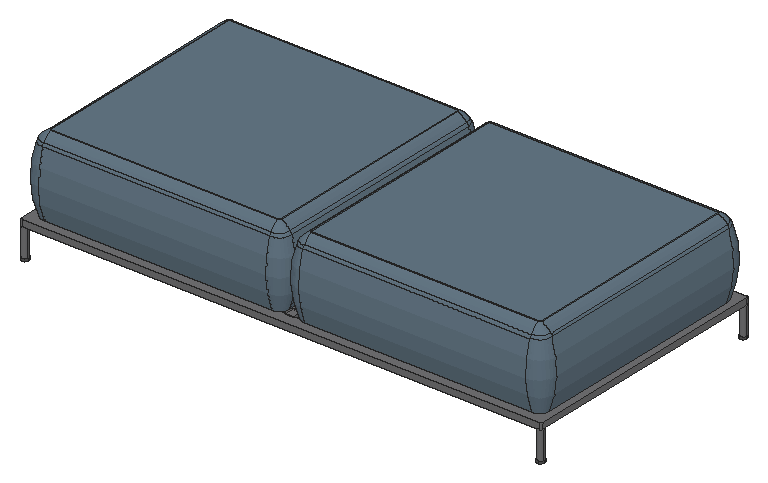
Revit family "Haworth_Mex-Hi_Bench_TwoSeats", category Furniture, Revit 2018
Family settings
  OmniClass Number = 23.40.70.14.64.21
  OmniClass Title = Systems Furniture
  Work Plane-Based = No
  Always vertical = Yes
  Cut with Voids When Loaded = No
  Shared = No
  Room Calculation Point = No
Parameters (values of type "Two Seat Bench")
  Warranty = "http://www.haworth.com/resources/product-info/warranties"
  URL - Product = "https://www.haworth.com/na/en/products/lounge-sofas/ottomans/mex-hi-seating.html"
  URL = "https://www.haworth.com/na/en/about/brands/haworth-collection.html"
  Trim Finish = Haworth _ Polymer _ Black
  Sustainability Info = "https://www.haworth.com/na/en/expertise/sustainability.html"
  Size = "Verify Final Dim. w/ Haworth"  # constant formula
  Seat Upholstery Finish [instance] = Haworth _ Leather _ Scozia _ Oceano ES-342
  Revision Number = "1"  # constant formula
  Model = "HCCSMHB"  # constant formula
  Manufacturer = "Haworth"  # constant formula
  Description = "Haworth - Cassina - Mex-Hi - Bench - Two Seat"  # constant formula
  Base Finish [instance] = Haworth _ Paint _ Matte Anthracite 69-ANT
  Author = "Haworth (Abd Rahman)"  # constant formula
  Assembly Code = "E2020200"
  Actual Width = 70.90"  # constant formula
  Actual Height = 28.30"  # constant formula
  Actual Depth = 35.50"  # constant formula
Reference planes (in)
  plane 1: z = 0
  plane 2 "Center L/R": x = -6.11989
  plane 3 "Center F/B": y = -11.5
  plane 4 "Top": z = 28.3
  plane 5 "Back": y = 6.25
  plane 6 "Front": y = -29.25
  plane 7 "Right": x = 29.33011
  plane 8 "Left": x = -41.56989
  plane 9: x = -17.93656
  plane 10: x = 5.69677
  plane 11: z = 15.36974
  plane 12: z = 4.88189
Dimensions and locks (in)
  equal spacing: plane 8 "Left", plane 2 "Center L/R", plane 7 "Right"
  "Actual Width": plane 8 "Left" to plane 7 "Right"
  equal spacing: plane 5 "Back", plane 3 "Center F/B", plane 6 "Front"
  "Actual Depth": plane 5 "Back" to plane 6 "Front"
  "Actual Height": plane 4 "Top" to plane 1
  equal spacing: plane 8 "Left", plane 9, plane 10, plane 7 "Right"
  aligned and locked: plane 2 "Center L/R" to nested 1
  aligned and locked: plane 3 "Center F/B" to nested 1
  aligned and locked: plane 8 "Left" to nested 2
  aligned and locked: plane 7 "Right" to nested 3
  aligned and locked: plane 3 "Center F/B" to nested 3
  aligned and locked: plane 3 "Center F/B" to nested 2
  aligned and locked: plane 11 to nested 2
  aligned and locked: plane 11 to nested 3
  aligned and locked: plane 12 to nested 1
Nested families (in)
  nested 1: "Haworth_Mex-Hi_Sofa_Base-PART" at (0, 0, 0), Base Finish <- "Base Finish", type "Base - PART"
    with Base Finish Haworth _ Paint _ Matte Anthracite 69-ANT, Two Seats yes, Three Seats no, Actual Width 70.90"
  nested 2: "Haworth_Mex-Hi_Bench_Seat-PART" at (-17.60039, 0, 0), Seat Upholstery Finish <- "Seat Upholstery Finish", type "Seat Bench - PART - Small"
    with Seat Upholstery Finish Haworth _ Leather _ Scozia _ Oceano ES-342, Middle Small Seat yes, L/R Seat no
  nested 3: "Haworth_Mex-Hi_Bench_Seat-PART" at (17.60039, 0, 0), Seat Upholstery Finish <- "Seat Upholstery Finish", type "Seat Bench - PART - Small"
    with Seat Upholstery Finish Haworth _ Leather _ Scozia _ Oceano ES-342, Middle Small Seat yes, L/R Seat no
Definition of nested family "Haworth_Mex-Hi_Sofa_Base-PART"
  Parameters (values of type "Base - PART")
    Warranty = "http://www.haworth.com/resources/product-info/warranties"
    URL - Product = "https://www.haworth.com/na/en/products/lounge-sofas/ottomans/mex-hi-seating.html"
    URL = "https://www.haworth.com/na/en/about/brands/haworth-collection.html"
    Two Seats = no
    Trim Finish = none
    Three Seats = yes
    Sustainability Info = "https://www.haworth.com/na/en/expertise/sustainability.html"
    Size = "Verify Final Dim. w/ Haworth"  # constant formula
    Revision Number = "1"  # constant formula
    Model = "Haworth - Cassina - Mex-Hi"  # constant formula
    Manufacturer = "Haworth"  # constant formula
    Description = "Haworth - Cassina - Mex-Hi - Sofa - Base - PART"  # constant formula
    Base Finish [instance] = none
    Author = "Haworth (Abd Rahman)"  # constant formula
    Assembly Code = "E2020200"
    Actual Width = 98.40"
    Actual Height = 28.30"  # constant formula
    Actual Depth = 35.50"
  Reference planes (in)
    plane 1: z = 0
    plane 2 "Center L/R": x = -6.11989
    plane 3 "Center F/B": y = -11.5
    plane 4 "Top": z = 28.3
    plane 5 "Back": y = 6.25
    plane 6 "Front": y = -29.25
    plane 7 "Right": x = 43.08011
    plane 8 "Left": x = -55.31989
    plane 9: x = 8.61121
    plane 10: x = 7.43011
    plane 11: x = -19.66989
    plane 12: x = -20.851
    plane 13: y = 4.4803
    plane 14: y = 3.20078
    plane 15: y = 2.01967
    plane 16: y = -4.67324
    plane 17: y = -5.85434
    plane 18: y = -24.9511
    plane 19: y = -26.1322
    plane 20: y = -27.40946
    plane 21: y = 6.04866
    plane 22: y = -28.9838
    plane 23: x = -53.5182
    plane 24: x = 41.33743
    plane 25: x = 42.90823
    plane 26: x = -55.09253
    plane 27: x = 8.0169
    plane 28: x = -20.26044
    plane 29: y = -17.07481
    plane 30: y = -5.26247
    plane 31: x = -6.6827
    plane 32: x = -5.5016
  Forms (in)
    Extrusion 1, solid, material <- "Base Finish"
      sketch origin (-0.25, 0.4375, 0) x (1, 0, 0) y (0, 1, 0)
        loop
          line (42.78209, 5.61116) -> (-54.46639, 5.61116)
          arc (-54.46639, 5.61116) -> (-54.73236, 5.50099) -> (-54.84253, 5.23502) r 0.37614
          line (-54.84253, 5.23502) -> (-54.84253, -29.03536)
          arc (-54.84253, -29.03536) -> (-54.72949, -29.30826) -> (-54.4566, -29.4213) r 0.38594
          line (-54.4566, -29.4213) -> (42.87505, -29.4213)
          arc (42.87505, -29.4213) -> (43.07529, -29.33835) -> (43.15823, -29.13811) r 0.28319
          line (43.15823, -29.13811) -> (43.15823, 5.23502)
          arc (43.15823, 5.23502) -> (43.04806, 5.50099) -> (42.78209, 5.61116) r 0.37614
        loop
          line (41.58743, -5.11074) -> (41.58743, 1.58217) -> (-53.2682, 1.58217) -> (-53.2682, -5.11074) -> (41.58743, -5.11074)
        loop
          line (-53.2682, 2.76328) -> (41.58743, 2.76328) -> (41.58743, 4.0428) -> (-53.2682, 4.0428) -> (-53.2682, 2.76328)
        loop
          line (41.58743, -6.29184) -> (-53.2682, -6.29184) -> (-53.2682, -25.3886) -> (41.58743, -25.3886) -> (41.58743, -6.29184)
        loop
          line (41.58743, -26.5697) -> (-53.2682, -26.5697) -> (-53.2682, -27.84696) -> (41.58743, -27.84696) -> (41.58743, -26.5697)
      from 4.08098 to 4.88189
    Extrusion 2, solid, material <- "Base Finish"
      sketch origin (-0.25, 0.4375, 0) x (1, 0, 0) y (0, 1, 0)
        loop
          circle (-54.44883, 5.22344) r 0.41206
        loop
          circle (42.77054, -29.02659) r 0.41206
        loop
          circle (42.77363, 5.22313) r 0.41206
        loop
          circle (-54.44602, -29.0239) r 0.41206
      from 0 to 4.08098
    Extrusion 3, solid, material <- "Trim Finish"
      sketch origin (-0.25, 0.4375, 0) x (1, 0, 0) y (0, 1, 0)
        loop
          circle (-54.44883, 5.22344) r 0.49213
        loop
          circle (-54.44883, -29.02999) r 0.49213
        loop
          circle (42.77154, 5.22344) r 0.49213
        loop
          circle (42.76782, -29.02818) r 0.49213
      from 0 to 0.23622
    Extrusion 4, solid, material <- "Base Finish", visible <- "Two Seats"
      sketch origin (0, 0, 0) x (1, 0, 0) y (0, 1, 0)
        loop
          line (-5.5016, -27.40946) -> (-5.5016, 6.04866) -> (-6.6827, 6.04866) -> (-6.6827, -27.40946) -> (-5.5016, -27.40946)
      from 4.08098 to 4.88189
    Extrusion 5, solid, material <- "Base Finish", visible <- "Three Seats"
      sketch origin (-17.68716, 0, 0) x (1, 0, 0) y (0, 1, 0)
        loop
          line (-1.98273, -27.40946) -> (-1.98273, 6.04866) -> (-3.16383, 6.04866) -> (-3.16383, -27.40946) -> (-1.98273, -27.40946)
      from 4.08098 to 4.88189
    Extrusion 6, solid, material <- "Base Finish", visible <- "Three Seats"
      sketch origin (17.7459, 0, 0) x (1, 0, 0) y (0, 1, 0)
        loop
          line (-9.1347, -27.40946) -> (-9.1347, 6.04866) -> (-10.3158, 6.04866) -> (-10.3158, -27.40946) -> (-9.1347, -27.40946)
      from 4.08098 to 4.88189
    Extrusion 7, solid, material <- "Trim Finish", visible <- "Two Seats"
      sketch origin (0, 0, 0) x (1, 0, 0) y (0, 1, 0)
        loop
          circle (-6.11989, -17.07481) r 0.49213
        loop
          circle (-6.11989, -5.26247) r 0.49213
      from 0 to 0.23622
    Extrusion 8, solid, material <- "Trim Finish", visible <- "Two Seats"
      sketch origin (0, 0, 0) x (1, 0, 0) y (0, 1, 0)
        loop
          circle (-6.11989, -17.07481) r 0.41206
        loop
          circle (-6.11989, -5.26247) r 0.41206
      from 0 to 4.08098
    Extrusion 9, solid, material <- "Trim Finish", visible <- "Three Seats"
      sketch origin (0, 0, 0) x (1, 0, 0) y (0, 1, 0)
        loop
          circle (-20.26044, -17.07481) r 0.41206
        loop
          circle (-20.26044, -5.26247) r 0.41206
        loop
          circle (8.0169, -5.26247) r 0.41206
        loop
          circle (8.0169, -17.07481) r 0.41206
      from 0 to 4.08098
    Extrusion 10, solid, material <- "Trim Finish", visible <- "Three Seats"
      sketch origin (0, 0, 0) x (1, 0, 0) y (0, 1, 0)
        loop
          circle (-20.26044, -17.07481) r 0.49213
        loop
          circle (-20.26044, -5.26247) r 0.49213
        loop
          circle (8.0169, -5.26247) r 0.49213
        loop
          circle (8.0169, -17.07481) r 0.49213
      from 0 to 0.23622
  Lines and regions (in)
    symbolic lines
      curve 1: line (-55.09253, 6.04866, 0) -> (42.90823, 6.04866, 0)
      curve 2: line (-55.09253, -28.9838, 0) -> (-55.09253, 6.04866, 0)
      curve 3: line (42.90823, -28.9838, 0) -> (-55.09253, -28.9838, 0)
      curve 4: line (42.90823, 6.04866, 0) -> (42.90823, -28.9838, 0)
      curve 5: line (-53.5182, -27.40946, 0) -> (-20.851, -27.40946, 0)
      curve 6: line (-53.5182, -26.1322, 0) -> (-53.5182, -27.40946, 0)
      curve 7: line (-20.851, -26.1322, 0) -> (-53.5182, -26.1322, 0)
      curve 8: line (-20.851, -27.40946, 0) -> (-20.851, -26.1322, 0)
      curve 9: line (7.43011, -27.40946, 0) -> (-19.66989, -27.40946, 0)
      curve 10: line (7.43011, -26.1322, 0) -> (7.43011, -27.40946, 0)
      curve 11: line (-19.66989, -26.1322, 0) -> (7.43011, -26.1322, 0)
      curve 12: line (-19.66989, -27.40946, 0) -> (-19.66989, -26.1322, 0)
      curve 13: line (8.61121, -26.1322, 0) -> (41.33743, -26.1322, 0)
      curve 14: line (8.61121, -27.40946, 0) -> (8.61121, -26.1322, 0)
      curve 15: line (41.33743, -27.40946, 0) -> (8.61121, -27.40946, 0)
      curve 16: line (41.33743, -26.1322, 0) -> (41.33743, -27.40946, 0)
      curve 17: line (41.33743, -24.9511, 0) -> (8.61121, -24.9511, 0)
      curve 18: line (41.33743, -5.85434, 0) -> (41.33743, -24.9511, 0)
      curve 19: line (8.61121, -5.85434, 0) -> (41.33743, -5.85434, 0)
      curve 20: line (8.61121, -24.9511, 0) -> (8.61121, -5.85434, 0)
      curve 21: line (41.33743, -4.67324, 0) -> (8.61121, -4.67324, 0)
      curve 22: line (41.33743, 2.01967, 0) -> (41.33743, -4.67324, 0)
      curve 23: line (8.61121, 2.01967, 0) -> (41.33743, 2.01967, 0)
      curve 25: line (7.43011, 2.01967, 0) -> (-19.66989, 2.01967, 0)
      curve 27: line (-19.66989, -4.67324, 0) -> (7.43011, -4.67324, 0)
      curve 28: line (-19.66989, 2.01967, 0) -> (-19.66989, -4.67324, 0)
      curve 29: line (-19.66989, -5.85434, 0) -> (7.43011, -5.85434, 0)
      curve 30: line (-19.66989, -24.9511, 0) -> (-19.66989, -5.85434, 0)
      curve 31: line (7.43011, -24.9511, 0) -> (-19.66989, -24.9511, 0)
      curve 32: line (7.43011, -5.85434, 0) -> (7.43011, -24.9511, 0)
      curve 33: line (-20.851, -24.9511, 0) -> (-53.5182, -24.9511, 0)
      curve 35: line (-53.5182, -5.85434, 0) -> (-20.851, -5.85434, 0)
      curve 36: line (-53.5182, -24.9511, 0) -> (-53.5182, -5.85434, 0)
      curve 37: line (-53.5182, -4.67324, 0) -> (-20.851, -4.67324, 0)
      curve 38: line (-53.5182, 2.01967, 0) -> (-53.5182, -4.67324, 0)
      curve 39: line (-20.851, 2.01967, 0) -> (-53.5182, 2.01967, 0)
      curve 40: line (-20.851, -4.67324, 0) -> (-20.851, 2.01967, 0)
      curve 41: line (-53.5182, 4.4803, 0) -> (-20.851, 4.4803, 0)
      curve 42: line (-53.5182, 3.20078, 0) -> (-53.5182, 4.4803, 0)
      curve 43: line (-20.851, 3.20078, 0) -> (-53.5182, 3.20078, 0)
      curve 44: line (-20.851, 4.4803, 0) -> (-20.851, 3.20078, 0)
      curve 45: line (7.43011, 3.20078, 0) -> (-19.66989, 3.20078, 0)
      curve 46: line (7.43011, 4.4803, 0) -> (7.43011, 3.20078, 0)
      curve 47: line (-19.66989, 4.4803, 0) -> (7.43011, 4.4803, 0)
      curve 49: line (41.33743, 3.20078, 0) -> (8.61121, 3.20078, 0)
      curve 50: line (41.33743, 4.4803, 0) -> (41.33743, 3.20078, 0)
      curve 51: line (8.61121, 4.4803, 0) -> (41.33743, 4.4803, 0)
      curve 52: line (8.61121, 3.20078, 0) -> (8.61121, 4.4803, 0)
    symbolic lines, visible <- "Three Seats"
      curve 24: line (8.61121, -27.40946, 0) -> (8.61121, 4.4803, 0)
      curve 26: line (7.43011, -27.40946, 0) -> (7.43011, 4.4803, 0)
      curve 34: line (-20.851, 4.4803, 0) -> (-20.851, -27.40946, 0)
      curve 48: line (-19.66989, -27.40946, 0) -> (-19.66989, 4.4803, 0)
    symbolic lines, visible <- "Two Seats"
      curve 53: line (-6.6827, 6.04866, 0) -> (-5.5016, 6.04866, 0)
      curve 54: line (-6.6827, -27.40946, 0) -> (-6.6827, 6.04866, 0)
      curve 55: line (-5.5016, -27.40946, 0) -> (-6.6827, -27.40946, 0)
      curve 56: line (-5.5016, 6.04866, 0) -> (-5.5016, -27.40946, 0)
  Dimensions and locks (in)
    equal spacing: plane 8 "Left", plane 2 "Center L/R", plane 7 "Right"
    "Actual Width": plane 8 "Left" to plane 7 "Right"
    equal spacing: plane 5 "Back", plane 3 "Center F/B", plane 6 "Front"
    "Actual Depth": plane 5 "Back" to plane 6 "Front"
    "Actual Height": plane 4 "Top" to plane 1
    plane 18 to plane 19 to plane 20 to plane 22 to plane 6 "Front" = 1.1811" locked, 1.27726" locked, 1.57434" locked, 0.2662" locked
    plane 5 "Back" to plane 21 to plane 13 to plane 14 to plane 15 to plane 16 to plane 17 = 0.20134" locked, 1.56835" locked, 1.27953" locked, 1.1811" locked, 6.69291" locked, 1.1811" locked
    plane 30 to plane 3 "Center F/B" to plane 29 = 6.23753" locked, 5.57481" locked
    plane 31 to plane 2 "Center L/R" to plane 32 = 0.56281" locked, 0.61829" locked
    plane 10 to plane 27 to plane 9 = 0.58679" locked, 0.59431" locked
    plane 12 to plane 28 to plane 11 = 0.59055" locked, 0.59055" locked
    plane 24 to plane 25 to plane 7 "Right" = 1.5708" locked, 0.17188" locked
    plane 8 "Left" to plane 26 to plane 23 = 0.22736" locked, 1.57433" locked
    plane 9 to plane 24 = 32.72622"
    plane 23 to plane 12 = 32.6672"
    aligned and locked: Extrusion 1 to plane 13
    aligned and locked: plane 14 to Extrusion 1
    aligned and locked: Extrusion 1 to plane 15
    aligned and locked: plane 16 to Extrusion 1
    aligned and locked: Extrusion 1 to plane 17
    aligned and locked: plane 18 to Extrusion 1
    aligned and locked: Extrusion 1 to plane 19
    aligned and locked: Extrusion 1 to plane 20
    aligned and locked: plane 26 to Extrusion 1  (x2)
    aligned and locked: Extrusion 1 to plane 23  (x4)
    aligned and locked: Extrusion 1 to plane 25  (x2)
    aligned and locked: plane 24 to Extrusion 1  (x4)
    aligned and locked: curve 2 to plane 26
    aligned and locked: plane 21 to Extrusion 1
    aligned and locked: plane 14 to curve 43
    aligned and locked: plane 15 to curve 39
    aligned and locked: curve 37 to plane 16
    aligned and locked: curve 35 to plane 17
    aligned and locked: plane 18 to curve 33
    aligned and locked: plane 19 to curve 7
    aligned and locked: plane 20 to curve 5
    aligned and locked: plane 23 to curve 6
    aligned and locked: curve 36 to plane 23
    aligned and locked: plane 23 to curve 38
    aligned and locked: curve 42 to plane 23
    aligned and locked: plane 12 to curve 44
    aligned and locked: curve 40 to plane 12
    aligned and locked: curve 8 to plane 12
    aligned and locked: curve 12 to plane 11
    aligned and locked: curve 30 to plane 11
    aligned and locked: plane 11 to curve 28
    aligned and locked: plane 10 to curve 46
    aligned and locked: curve 26 to plane 10
    aligned and locked: plane 10 to curve 32
    aligned and locked: plane 10 to curve 10
    aligned and locked: curve 14 to plane 9
    aligned and locked: curve 20 to plane 9
    aligned and locked: curve 52 to plane 9
    aligned and locked: plane 24 to curve 50
    aligned and locked: plane 24 to curve 22
    aligned and locked: plane 24 to curve 18
    aligned and locked: plane 24 to curve 16
    aligned and locked: plane 25 to curve 4
    aligned and locked: Extrusion 1 to plane 22
    aligned and locked: curve 15 to plane 20
    aligned and locked: curve 13 to plane 19
    aligned and locked: plane 18 to curve 17
    aligned and locked: curve 19 to plane 17
    aligned and locked: plane 16 to curve 21
    aligned and locked: curve 23 to plane 15
    aligned and locked: plane 14 to curve 49
    aligned and locked: curve 51 to plane 13
    aligned and locked: curve 1 to plane 21
    aligned and locked: curve 47 to plane 13
    aligned and locked: plane 14 to curve 45
    aligned and locked: plane 15 to curve 25
    aligned and locked: curve 27 to plane 16
    aligned and locked: curve 29 to plane 17
    aligned and locked: plane 18 to curve 31
    aligned and locked: curve 11 to plane 19
    aligned and locked: curve 9 to plane 20
    aligned and locked: plane 22 to curve 3
    aligned and locked: plane 15 to nested 2
    aligned and locked: plane 15 to nested 3
    aligned and locked: plane 15 to nested 8
    aligned and locked: plane 15 to nested 9
    aligned and locked: plane 17 to nested 13
    aligned and locked: plane 17 to nested 10
    aligned and locked: plane 17 to nested 7
    aligned and locked: plane 17 to nested 4
    aligned and locked: plane 17 to nested 14
    aligned and locked: nested 1 to plane 18
    aligned and locked: nested 5 to plane 18
    aligned and locked: nested 6 to plane 18
    aligned and locked: nested 12 to plane 18
    aligned and locked: nested 11 to plane 18
    aligned and locked: nested 1 to Extrusion 1
    aligned and locked: Extrusion 1 to Extrusion 4  (x2)
    aligned and locked: Extrusion 4 to plane 32
    aligned and locked: plane 31 to Extrusion 4
    aligned and locked: plane 32 to Extrusion 4 sketch curve
    aligned and locked: Extrusion 4 sketch curve to plane 31
    aligned and locked: Extrusion 4 sketch curve to plane 21
    aligned and locked: Extrusion 4 sketch curve to plane 20
    aligned and locked: plane 9 to Extrusion 6 sketch curve
    aligned and locked: Extrusion 6 sketch curve to plane 10
    aligned and locked: Extrusion 6 sketch curve to plane 21
    aligned and locked: Extrusion 6 sketch curve to plane 20
    aligned and locked: plane 11 to Extrusion 5 sketch curve
    aligned and locked: Extrusion 5 sketch curve to plane 12
    aligned and locked: Extrusion 5 sketch curve to plane 21
    aligned and locked: Extrusion 5 sketch curve to plane 20
    aligned and locked: plane 29 to Extrusion 7 sketch curve
    aligned and locked: plane 2 "Center L/R" to Extrusion 7 sketch curve  (x2)
    aligned and locked: plane 30 to Extrusion 7 sketch curve
    aligned and locked: Extrusion 3 to Extrusion 7
    aligned and locked: plane 29 to Extrusion 8 sketch curve
    aligned and locked: plane 2 "Center L/R" to Extrusion 8 sketch curve  (x2)
    aligned and locked: plane 30 to Extrusion 8 sketch curve
    aligned and locked: Extrusion 8 to Extrusion 1
    aligned and locked: plane 29 to Extrusion 9 sketch curve  (x2)
    aligned and locked: plane 30 to Extrusion 9 sketch curve  (x2)
    aligned and locked: plane 28 to Extrusion 9 sketch curve  (x2)
    aligned and locked: plane 27 to Extrusion 9 sketch curve  (x2)
    aligned and locked: Extrusion 9 to Extrusion 1
    aligned and locked: plane 28 to Extrusion 10 sketch curve  (x2)
    aligned and locked: plane 27 to Extrusion 10 sketch curve  (x2)
    aligned and locked: plane 30 to Extrusion 10 sketch curve  (x2)
    aligned and locked: plane 29 to Extrusion 10 sketch curve  (x2)
    aligned and locked: Extrusion 10 to Extrusion 7
  Automatic sketch dimensions
    Extrusion 1 sketch curve to plane 26 = 0.00"
    Extrusion 1 sketch curve to plane 21 = 0.00"
    Extrusion 1 sketch curve to plane 22 = 0.00"
    plane 20 to Extrusion 1 sketch curve = 0.00"
    Extrusion 1 sketch curve to plane 23 = 0.00"  (x4)
    Extrusion 1 sketch curve to plane 18 = 0.00"
    Extrusion 1 sketch curve to plane 13 = 0.00"
    Extrusion 1 sketch curve to plane 16 = 0.00"
    Extrusion 1 sketch curve to plane 24 = 0.00"  (x4)
    Extrusion 1 sketch curve to plane 14 = 0.00"
    Extrusion 1 sketch curve to plane 15 = 0.00"
    Extrusion 1 sketch curve to plane 25 = 0.00"
    Extrusion 1 sketch curve to plane 19 = 0.00"
    Extrusion 1 sketch curve to plane 17 = 0.00"
    Extrusion 1 sketch curve to Extrusion 1 sketch curve = 0.37614"
    plane 22 to Extrusion 1 sketch curve = 0.38594"
    plane 25 to Extrusion 1 sketch curve = 0.37614"
    Extrusion 1 sketch curve to Extrusion 1 sketch curve = 0.28319"
    Extrusion 2 sketch curve to plane 26 = 0.39651"
    Extrusion 2 sketch curve to plane 26 = 0.3937"
    plane 25 to Extrusion 2 sketch curve = 0.38769"
    plane 25 to Extrusion 2 sketch curve = 0.3846"
    plane 22 to Extrusion 2 sketch curve = 0.39739"
    plane 22 to Extrusion 2 sketch curve = 0.39471"
    Extrusion 2 sketch curve to plane 21 = 0.38803"
    Extrusion 2 sketch curve to plane 21 = 0.38772"
    Extrusion 3 sketch curve to plane 26 = 0.3937"  (x2)
    plane 25 to Extrusion 3 sketch curve = 0.39041"
    plane 25 to Extrusion 3 sketch curve = 0.38669"
    plane 22 to Extrusion 3 sketch curve = 0.39311"
    plane 22 to Extrusion 3 sketch curve = 0.39131"
    Extrusion 3 sketch curve to plane 21 = 0.38772"  (x2)
    plane 20 to curve 55 = 0.00"
    curve 55 to plane 31 = 0.00"
    curve 55 to plane 32 = 0.00"
    curve 44 to plane 13 = 0.00"
    curve 53 to plane 21 = 0.00"
    radius of Extrusion 2 sketch curve = 0.41206"  (x4)
    radius of Extrusion 3 sketch curve = 0.49213"  (x4)
    radius of Extrusion 7 sketch curve = 0.49213"  (x2)
    radius of Extrusion 8 sketch curve = 0.41206"  (x2)
    radius of Extrusion 9 sketch curve = 0.41206"  (x4)
    radius of Extrusion 10 sketch curve = 0.49213"  (x4)
  Nested families (in)
    nested 1: "Haworth_Mex-Hi_Sofa_Knob-PART" at (-41.10041, -14.04791, 0.00098), visible <- "Three Seats", type "Knob - PART"
    nested 2: "Haworth_Mex-Hi_Sofa_Knob-PART" at (-21.10041, 13.65777, 0), type "Knob - PART"
    nested 3: "Haworth_Mex-Hi_Sofa_Knob-PART" at (-13.66357, 13.65777, 0), type "Knob - PART"
    nested 4: "Haworth_Mex-Hi_Sofa_Knob-PART" at (-13.66357, 5.78375, 0), type "Knob - PART"
    nested 5: "Haworth_Mex-Hi_Sofa_Knob-PART" at (-13.66357, -14.04791, 0), type "Knob - PART"
    nested 6: "Haworth_Mex-Hi_Sofa_Knob-PART" at (14.33643, -14.04791, 0), type "Knob - PART"
    nested 7: "Haworth_Mex-Hi_Sofa_Knob-PART" at (14.33643, 5.78375, 0), type "Knob - PART"
    nested 8: "Haworth_Mex-Hi_Sofa_Knob-PART" at (14.33643, 13.65777, 0), type "Knob - PART"
    nested 9: "Haworth_Mex-Hi_Sofa_Knob-PART" at (21.51753, 13.65777, 0), type "Knob - PART"
    nested 10: "Haworth_Mex-Hi_Sofa_Knob-PART" at (21.51753, 5.78375, 0), type "Knob - PART"
    nested 11: "Haworth_Mex-Hi_Sofa_Knob-PART" at (21.51753, -14.04791, 0), type "Knob - PART"
    nested 12: "Haworth_Mex-Hi_Sofa_Knob-PART" at (41.58464, -14.04791, 0), visible <- "Three Seats", type "Knob - PART"
    nested 13: "Haworth_Mex-Hi_Sofa_Knob-PART" at (41.58464, 5.78375, 0), visible <- "Three Seats", type "Knob - PART"
    nested 14: "Haworth_Mex-Hi_Sofa_Knob-PART" at (-41.10041, 5.78375, 0), visible <- "Three Seats", type "Knob - PART"
  Definition of nested family "Haworth_Mex-Hi_Sofa_Knob-PART"
    Parameters (values of type "Knob - PART")
      Warranty = "http://www.haworth.com/resources/product-info/warranties"
      URL - Product = "https://www.haworth.com/na/en/products/lounge-sofas/ottomans/mex-hi-seating.html"
      URL = "https://www.haworth.com/na/en/about/brands/haworth-collection.html"
      Trim Finish = none
      Sustainability Info = "https://www.haworth.com/na/en/expertise/sustainability.html"
      Size = "Verify Final Dim. w/ Haworth"  # constant formula
      Revision Number = "1"  # constant formula
      Model = "Haworth - Cassina - Mex-Hi"  # constant formula
      Manufacturer = "Haworth"  # constant formula
      Description = "Haworth - Cassina - Mex-Hi - Sofa - Knob - PART"  # constant formula
      Author = "Haworth (Abd Rahman)"  # constant formula
      Assembly Code = "E2020200"
      Actual Width = 1.67"  # constant formula
      Actual Height = 4.08"  # constant formula
      Actual Depth = 1.47"  # constant formula
    Reference planes (in)
      plane 1: z = 0
      plane 2 "Center L/R": x = -6.1322
      plane 3 "Top": z = 4.08
      plane 4: x = -5.2972
      plane 5: x = -6.9672
      plane 6: y = -10.90319
      plane 7: y = -12.373
      plane 8: y = -11.6381
    Forms (in)
      Extrusion 1, solid, material <- "Trim Finish"
        sketch origin (0, 0, 0) x (1, 0, 0) y (0, 1, 0)
          loop
            arc (-6.96571, -11.20052) -> (-6.96593, -11.22622) -> (-6.95004, -11.24643) r 0.03882
            arc (-6.95004, -11.24643) -> (-6.5066, -11.70956) -> (-6.32724, -12.32516) r 1.34831
            arc (-6.32724, -12.32516) -> (-6.31768, -12.34902) -> (-6.29531, -12.36168) r 0.03882
            arc (-6.29531, -12.36168) -> (-6.12907, -12.37648) -> (-5.96283, -12.36168) r 0.94089
            arc (-5.96283, -12.36168) -> (-5.93846, -12.34653) -> (-5.93115, -12.31878) r 0.03882
            arc (-5.93115, -12.31878) -> (-5.74775, -11.6992) -> (-5.2972, -11.23603) r 1.34873
            arc (-5.2972, -11.23603) -> (-5.29048, -11.21886) -> (-5.29243, -11.20052) r 0.03882
            arc (-5.29243, -11.20052) -> (-5.36273, -11.04915) -> (-5.45867, -10.91258) r 0.94086
            arc (-5.45867, -10.91258) -> (-5.48082, -10.89954) -> (-5.50626, -10.90319) r 0.03882
            arc (-5.50626, -10.90319) -> (-6.12907, -11.05565) -> (-6.75188, -10.90319) r 1.34833
            arc (-6.75188, -10.90319) -> (-6.77732, -10.89954) -> (-6.79947, -10.91258) r 0.03882
            arc (-6.79947, -10.91258) -> (-6.89541, -11.04915) -> (-6.96571, -11.20052) r 0.94087
        from 3.49028 to 3.88235
      Extrusion 2, solid, material <- "Trim Finish"
        sketch origin (0, 0, 0) x (1, 0, 0) y (0, 1, 0)
          loop
            circle (-6.1322, -11.5) r 0.37215
        from 3.88235 to 4.08098
    Cuts and joins
      joined: Extrusion 1, Extrusion 2
    Lines and regions (in)
      symbolic lines
        curve 1: arc (-5.50626, -10.90319, 0) -> (-6.12907, -11.05565, 0) -> (-6.75188, -10.90319, 0) r 1.34833
        curve 2: arc (-5.45867, -10.91258, 0) -> (-5.48082, -10.89954, 0) -> (-5.50626, -10.90319, 0) r 0.03882
        curve 3: arc (-5.29243, -11.20052, 0) -> (-5.36273, -11.04915, 0) -> (-5.45867, -10.91258, 0) r 0.94086
        curve 4: arc (-5.2972, -11.23603, 0) -> (-5.29048, -11.21886, 0) -> (-5.29243, -11.20052, 0) r 0.03882
        curve 5: arc (-5.93115, -12.31878, 0) -> (-5.74775, -11.6992, 0) -> (-5.2972, -11.23603, 0) r 1.34873
        curve 6: arc (-5.96283, -12.36168, 0) -> (-5.93846, -12.34653, 0) -> (-5.93115, -12.31878, 0) r 0.03882
        curve 7: arc (-6.29531, -12.36168, 0) -> (-6.12907, -12.37648, 0) -> (-5.96283, -12.36168, 0) r 0.94089
        curve 8: arc (-6.32724, -12.32516, 0) -> (-6.31768, -12.34902, 0) -> (-6.29531, -12.36168, 0) r 0.03882
        curve 9: arc (-6.95004, -11.24643, 0) -> (-6.5066, -11.70956, 0) -> (-6.32724, -12.32516, 0) r 1.34831
        curve 10: arc (-6.96571, -11.20052, 0) -> (-6.96593, -11.22622, 0) -> (-6.95004, -11.24643, 0) r 0.03882
        curve 11: arc (-6.79947, -10.91258, 0) -> (-6.89541, -11.04915, 0) -> (-6.96571, -11.20052, 0) r 0.94087
        curve 12: arc (-6.75188, -10.90319, 0) -> (-6.77732, -10.89954, 0) -> (-6.79947, -10.91258, 0) r 0.03882
    Dimensions and locks (in)
      equal spacing: plane 7, plane 8, plane 6
      plane 6 to plane 7 = 1.46981"
      equal spacing: plane 5, plane 2 "Center L/R", plane 4
      "Actual Width": plane 5 to plane 4
      "Actual Height": plane 3 "Top" to level
    Automatic sketch dimensions
      Extrusion 1 sketch curve to plane 2 "Center L/R" = 0.15625"
      Extrusion 1 sketch curve to plane 2 "Center L/R" = 0.6376"
      Extrusion 1 sketch curve to Extrusion 1 sketch curve = 0.15938"  (x2)
      Extrusion 1 sketch curve to plane 2 "Center L/R" = 1.54206"
      Extrusion 1 sketch curve to plane 2 "Center L/R" = 0.04533"
      Extrusion 1 sketch curve to Extrusion 1 sketch curve = 0.04847"
      plane 2 "Center L/R" to Extrusion 1 sketch curve = 0.00314"
      Extrusion 1 sketch curve to Extrusion 1 sketch curve = 0.09695"
      Extrusion 1 sketch curve to Extrusion 1 sketch curve = 0.31877"
      plane 2 "Center L/R" to Extrusion 1 sketch curve = 0.64387"
      Extrusion 1 sketch curve to Extrusion 1 sketch curve = 0.74511"
      Extrusion 1 sketch curve to Extrusion 1 sketch curve = 0.00"  (x11)
      Extrusion 1 sketch curve to Extrusion 1 sketch curve = 0.00001"
      Extrusion 1 sketch curve to Extrusion 1 sketch curve = 0.08398"
      Extrusion 1 sketch curve to Extrusion 1 sketch curve = 0.27606"  (x2)
      Extrusion 1 sketch curve to Extrusion 1 sketch curve = 1.2303"
      Extrusion 1 sketch curve to plane 2 "Center L/R" = 0.16311"
      Extrusion 1 sketch curve to Extrusion 1 sketch curve = 0.01793"
      Extrusion 2 sketch curve to plane 2 "Center L/R" = 0.00"
      plane 6 to Extrusion 1 sketch curve = 0.00"  (x2)
      Extrusion 1 sketch curve to plane 4 = 0.00"
      plane 6 to Extrusion 1 sketch curve = 0.5324"
      plane 7 to Extrusion 1 sketch curve = 0.04953"
      Extrusion 1 sketch curve to plane 7 = 0.01071"
      plane 6 to Extrusion 2 sketch curve = 0.59681"
      plane 6 to curve 1 = 0.00"  (x2)
      plane 6 to curve 2 = 0.00"
      plane 2 "Center L/R" to curve 1 = 0.00314"
      plane 6 to curve 2 = 0.03443"
      plane 4 to curve 2 = 0.19113"
      curve 1 to plane 6 = 1.19587"
      plane 6 to curve 2 = 0.00939"
      curve 3 to plane 2 "Center L/R" = 0.04533"
      curve 3 to curve 2 = 0.00"
      curve 3 to plane 4 = 0.00477"
      curve 4 to plane 4 = 0.00"
      plane 4 to curve 4 = 0.03174"
      curve 4 to curve 3 = 0.00"
      curve 5 to plane 7 = 0.00766"
      curve 5 to plane 4 = 0.71336"
      plane 7 to curve 5 = 0.05423"
      curve 6 to curve 5 = 0.03853"
      curve 6 to curve 5 = 0.0047"
      plane 7 to curve 6 = 0.01132"
      plane 2 "Center L/R" to curve 7 = 0.00314"
      plane 7 to curve 7 = 0.01132"
      curve 7 to plane 2 "Center L/R" = 0.16311"
      curve 7 to curve 8 = 0.00686"
      curve 8 to curve 8 = 0.03878"
      curve 8 to curve 7 = 0.00"
      curve 9 to plane 7 = 0.01071"
      curve 9 to plane 5 = 0.01716"
      curve 9 to curve 8 = 0.00"
      curve 10 to plane 5 = 0.03801"
      curve 10 to plane 5 = 0.0015"
      curve 10 to curve 9 = 0.00"
      plane 2 "Center L/R" to curve 11 = 0.05162"
      curve 11 to curve 10 = 0.00"
      plane 6 to curve 11 = 0.00939"
      plane 6 to curve 12 = 0.00"
      radius of Extrusion 2 sketch curve = 0.37215"
Definition of nested family "Haworth_Mex-Hi_Bench_Seat-PART"
  Parameters (values of type "Seat Bench - PART")
    Warranty = "http://www.haworth.com/resources/product-info/warranties"
    URL - Product = "https://www.haworth.com/na/en/products/lounge-sofas/ottomans/mex-hi-seating.html"
    URL = "https://www.haworth.com/na/en/about/brands/haworth-collection.html"
    Sustainability Info = "https://www.haworth.com/na/en/expertise/sustainability.html"
    Size = "Verify Final Dim. w/ Haworth"  # constant formula
    Seat Upholstery Finish [instance] = none
    Seat Height = 17.00"  # constant formula
    Revision Number = "1"  # constant formula
    Model = "Haworth - Cassina - Mex-Hi"  # constant formula
    Middle Small Seat = no
    Middle Large Seat = no
    Manufacturer = "Haworth"  # constant formula
    L/R Seat = yes
    Description = "Haworth - Cassina - Mex-Hi - Seat  - PART"  # constant formula
    Author = "Haworth (Abd Rahman)"  # constant formula
    Assembly Code = "E2020200"
    Actual Width = 35.69922"  # constant formula
    Actual Height = 27.39844"  # constant formula
    Actual Depth = 35.50"  # constant formula
  Reference planes (in)
    plane 1: z = 0
    plane 2 "Center L/R": x = -6.11989
    plane 3 "Center F/B": y = -11.5
    plane 4 "Top": z = 27.39844
    plane 5 "Back": y = 6.25
    plane 6 "Front": y = -29.25
    plane 7 "Right": x = 11.72972
    plane 8 "Left": x = -23.9695
    plane 9: z = 17
    plane 10: x = -27.42172
    plane 11: x = 15.86448
    plane 12: x = -19.80117
    plane 13: x = 7.56138
  Forms (in)
    Extrusion 1, solid, material <- "Seat Upholstery Finish", visible <- "Middle Small Seat"
      sketch origin (4.78944, 14.72405, 0) x (1, 0, 0) y (0, 1, 0)
        loop
          arc (4.64853, -11.18636) -> (4.58765, -11.03938) -> (4.44067, -10.9785) r 0.20787
          line (4.44067, -10.9785) -> (-26.25933, -10.9785)
          arc (-26.25933, -10.9785) -> (-26.40632, -11.03938) -> (-26.4672, -11.18636) r 0.20787
          line (-26.4672, -11.18636) -> (-26.4672, -41.04213)
          arc (-26.4672, -41.04213) -> (-26.40632, -41.18912) -> (-26.25933, -41.25) r 0.20787
          line (-26.25933, -41.25) -> (4.44067, -41.25)
          arc (4.44067, -41.25) -> (4.58765, -41.18912) -> (4.64853, -41.04213) r 0.20787
          line (4.64853, -41.04213) -> (4.64853, -11.18636)
      from 4.88189 to 15.36974
    Sweep 2, solid, material <- "Seat Upholstery Finish", visible <- "Middle Small Seat"
      path origin (4.78944, 14.72405, 0) x (1, 0, 0) y (0, 1, 0)
        loop
          arc (4.44067, -42.79213) -> (5.6781, -42.27957) -> (6.19067, -41.04213) r 1.75
          line (6.19067, -41.04213) -> (6.19067, -11.18636)
          arc (6.19067, -11.18636) -> (5.6781, -9.94893) -> (4.44067, -9.43636) r 1.75
          line (4.44067, -9.43636) -> (-26.25933, -9.43636)
          arc (-26.25933, -9.43636) -> (-27.49677, -9.94893) -> (-28.00933, -11.18636) r 1.75
          line (-28.00933, -11.18636) -> (-28.00933, -41.04213)
          arc (-28.00933, -41.04213) -> (-27.49677, -42.27957) -> (-26.25933, -42.79213) r 1.75
          line (-26.25933, -42.79213) -> (4.44067, -42.79213)
      profile origin (-6.11989, -28.06809, 0) x (0, -1, 0) y (0, 0, 1)
        loop
          arc (-0.11034, 13.92822) -> (-0.19803, 14.13034) -> (-0.31579, 14.31655) r 1.42697
          arc (-0.31579, 14.31655) -> (-0.8708, 14.91087) -> (-1.54213, 15.36974) r 3.70331
          line (-1.54213, 15.36974) -> (-1.54213, 4.88189) -> (-0.41268, 4.88189)
          arc (-0.41268, 4.88189) -> (0.57441, 9.37712) -> (-0.11034, 13.92822) r 12.66244
    Extrusion 3, solid, material <- "Seat Upholstery Finish", visible <- "L/R Seat"
      sketch origin (4.35194, 14.72405, 0) x (1, 0, 0) y (0, 1, 0)
        loop
          arc (0.87817, -41.25) -> (1.02515, -41.18912) -> (1.08603, -41.04213) r 0.20787
          line (1.08603, -41.04213) -> (1.08603, -11.18636)
          arc (1.08603, -11.18636) -> (1.02515, -11.03938) -> (0.87817, -10.9785) r 0.20787
          line (0.87817, -10.9785) -> (-21.82183, -10.9785)
          arc (-21.82183, -10.9785) -> (-21.96882, -11.03938) -> (-22.0297, -11.18636) r 0.20787
          line (-22.0297, -11.18636) -> (-22.0297, -41.04213)
          arc (-22.0297, -41.04213) -> (-21.96882, -41.18912) -> (-21.82183, -41.25) r 0.20787
          line (-21.82183, -41.25) -> (0.87817, -41.25)
      from 4.88189 to 15.36974
    Sweep 4, solid, material <- "Seat Upholstery Finish", visible <- "L/R Seat"
      path origin (4.35194, 14.72405, 0) x (1, 0, 0) y (0, 1, 0)
        loop
          arc (0.87817, -42.79213) -> (2.1156, -42.27957) -> (2.62817, -41.04213) r 1.75
          line (2.62817, -41.04213) -> (2.62817, -11.18636)
          arc (2.62817, -11.18636) -> (2.1156, -9.94893) -> (0.87817, -9.43636) r 1.75
          line (0.87817, -9.43636) -> (-21.82183, -9.43636)
          arc (-21.82183, -9.43636) -> (-23.05927, -9.94893) -> (-23.57183, -11.18636) r 1.75
          line (-23.57183, -11.18636) -> (-23.57183, -41.04213)
          arc (-23.57183, -41.04213) -> (-23.05927, -42.27957) -> (-21.82183, -42.79213) r 1.75
          line (-21.82183, -42.79213) -> (0.87817, -42.79213)
      profile origin (-6.11989, -28.06809, 0) x (0, -1, 0) y (0, 0, 1)
        loop
          arc (-0.11034, 13.92822) -> (-0.19803, 14.13034) -> (-0.31579, 14.31655) r 1.42697
          arc (-0.31579, 14.31655) -> (-0.8708, 14.91087) -> (-1.54213, 15.36974) r 3.70331
          line (-1.54213, 15.36974) -> (-1.54213, 4.88189) -> (-0.41268, 4.88189)
          arc (-0.41268, 4.88189) -> (0.57441, 9.37712) -> (-0.11034, 13.92822) r 12.66244
    Sweep 5, solid, material <- "Seat Upholstery Finish", visible <- "Middle Large Seat"
      path origin (4.78944, 14.72405, 0) x (1, 0, 0) y (0, 1, 0)
        loop
          arc (8.74067, -42.79213) -> (9.9781, -42.27957) -> (10.49067, -41.04213) r 1.75
          line (10.49067, -41.04213) -> (10.49067, -11.18636)
          arc (10.49067, -11.18636) -> (9.9781, -9.94893) -> (8.74067, -9.43636) r 1.75
          line (8.74067, -9.43636) -> (-29.80933, -9.43636)
          arc (-29.80933, -9.43636) -> (-31.04677, -9.94893) -> (-31.55933, -11.18636) r 1.75
          line (-31.55933, -11.18636) -> (-31.55933, -41.04213)
          arc (-31.55933, -41.04213) -> (-31.04677, -42.27957) -> (-29.80933, -42.79213) r 1.75
          line (-29.80933, -42.79213) -> (8.74067, -42.79213)
      profile origin (-5.74489, -28.06809, 0) x (0, -1, 0) y (0, 0, 1)
        loop
          arc (-0.11034, 13.92822) -> (-0.19803, 14.13034) -> (-0.31579, 14.31655) r 1.42697
          arc (-0.31579, 14.31655) -> (-0.8708, 14.91087) -> (-1.54213, 15.36974) r 3.70331
          line (-1.54213, 15.36974) -> (-1.54213, 4.88189) -> (-0.41268, 4.88189)
          arc (-0.41268, 4.88189) -> (0.57441, 9.37712) -> (-0.11034, 13.92822) r 12.66244
    Extrusion 6, solid, material <- "Seat Upholstery Finish", visible <- "Middle Large Seat"
      sketch origin (4.78944, 14.97405, 0) x (1, 0, 0) y (0, 1, 0)
        loop
          arc (8.94853, -11.43636) -> (8.88765, -11.28938) -> (8.74067, -11.2285) r 0.20787
          line (8.74067, -11.2285) -> (-29.80933, -11.2285)
          arc (-29.80933, -11.2285) -> (-29.95632, -11.28938) -> (-30.0172, -11.43636) r 0.20787
          line (-30.0172, -11.43636) -> (-30.0172, -41.29213)
          arc (-30.0172, -41.29213) -> (-29.95632, -41.43912) -> (-29.80933, -41.5) r 0.20787
          line (-29.80933, -41.5) -> (8.74067, -41.5)
          arc (8.74067, -41.5) -> (8.88765, -41.43912) -> (8.94853, -41.29213) r 0.20787
          line (8.94853, -41.29213) -> (8.94853, -11.43636)
      from 4.88189 to 15.36974
  Lines and regions (in)
    Masking region 1, visible <- "Middle Small Seat"
      outline origin (0, 0, 0) x (1, 0, 0) y (0, 1, 0)
        loop
          line (-23.80117, 3.5) -> (-23.80117, -26.2804)
          arc (-23.80117, -26.2804) -> (-23.06894, -28.04817) -> (-21.30117, -28.7804) r 2.5
          line (-21.30117, -28.7804) -> (9.06138, -28.7804)
          arc (9.06138, -28.7804) -> (10.82915, -28.04817) -> (11.56138, -26.2804) r 2.5
          line (11.56138, -26.2804) -> (11.56138, 3.5)
          arc (11.56138, 3.5) -> (10.82915, 5.26777) -> (9.06138, 6) r 2.5
          line (9.06138, 6) -> (-21.30117, 6)
          arc (-21.30117, 6) -> (-23.06894, 5.26777) -> (-23.80117, 3.5) r 2.5
    Masking region 2, visible <- "L/R Seat"
      outline origin (0, 0, 0) x (1, 0, 0) y (0, 1, 0)
        loop
          line (-19.80117, 3.5) -> (-19.80117, -26.2804)
          arc (-19.80117, -26.2804) -> (-19.06894, -28.04817) -> (-17.30117, -28.7804) r 2.5
          line (-17.30117, -28.7804) -> (5.06138, -28.7804)
          arc (5.06138, -28.7804) -> (6.82915, -28.04817) -> (7.56138, -26.2804) r 2.5
          line (7.56138, -26.2804) -> (7.56138, 3.5)
          arc (7.56138, 3.5) -> (6.82915, 5.26777) -> (5.06138, 6) r 2.5
          line (5.06138, 6) -> (-17.30117, 6)
          arc (-17.30117, 6) -> (-19.06894, 5.26777) -> (-19.80117, 3.5) r 2.5
    Masking region 3, visible <- "Middle Large Seat"
      outline origin (0, 0, 0) x (1, 0, 0) y (0, 1, 0)
        loop
          line (-27.42172, 3.5) -> (-27.42172, -26.2804)
          arc (-27.42172, -26.2804) -> (-26.68949, -28.04817) -> (-24.92172, -28.7804) r 2.5
          line (-24.92172, -28.7804) -> (13.36448, -28.7804)
          arc (13.36448, -28.7804) -> (15.13225, -28.04817) -> (15.86448, -26.2804) r 2.5
          line (15.86448, -26.2804) -> (15.86448, 3.5)
          arc (15.86448, 3.5) -> (15.13225, 5.26777) -> (13.36448, 6) r 2.5
          line (13.36448, 6) -> (-24.92172, 6)
          arc (-24.92172, 6) -> (-26.68949, 5.26777) -> (-27.42172, 3.5) r 2.5
  Dimensions and locks (in)
    equal spacing: plane 8 "Left", plane 2 "Center L/R", plane 7 "Right"
    "Actual Width": plane 8 "Left" to plane 7 "Right"
    equal spacing: plane 5 "Back", plane 3 "Center F/B", plane 6 "Front"
    "Actual Depth": plane 5 "Back" to plane 6 "Front"
    "Actual Height": plane 4 "Top" to plane 1
    "Seat Height": plane 9 to level
    aligned and locked: Sweep 5 to Extrusion 6 sketch curve
    aligned and locked: Extrusion 6 sketch curve to Sweep 5
  Automatic sketch dimensions
    plane 8 "Left" to Extrusion 1 sketch curve = 2.29174"
    Extrusion 1 sketch curve to Extrusion 1 sketch curve = 0.20787"  (x3)
    Extrusion 1 sketch curve to plane 7 "Right" = 2.49961"  (x2)
    plane 6 "Front" to Extrusion 1 sketch curve = 2.72405"
    Extrusion 1 sketch curve to plane 5 "Back" = 2.71232"
    plane 8 "Left" to Sweep 2 sketch curve = 0.74961"
    Sweep 2 sketch curve to plane 5 "Back" = 0.96232"
    Sweep 2 sketch curve to Sweep 2 sketch curve = 1.75"  (x2)
    plane 6 "Front" to Sweep 2 sketch curve = 1.18191"
    Sweep 2 sketch curve to plane 7 "Right" = 2.49961"  (x2)
    Sweep 2 sketch curve to plane 7 "Right" = 0.74961"
    profile plane to Sweep 2 sketch curve = 12.08096"
    profile plane to Sweep 2 sketch curve = 3.28358"
    profile plane to Sweep 2 sketch curve = 1.54213"
    profile plane to Sweep 2 sketch curve = 1.45935"
    profile plane to Sweep 2 sketch curve = 0.41268"
    level to Sweep 2 sketch curve = 4.88189"
    level to Sweep 2 sketch curve = 9.80008"
    Sweep 2 sketch curve to Sweep 2 sketch curve = 7.21954"
    Sweep 2 sketch curve to Sweep 2 sketch curve = 1.36158"
    Sweep 2 sketch curve to Sweep 2 sketch curve = 1.90673"
    Sweep 2 sketch curve to Sweep 2 sketch curve = 0.00"
    plane 6 "Front" to Extrusion 3 sketch curve = 2.93191"  (x2)
    plane 8 "Left" to Extrusion 3 sketch curve = 6.29174"
    Extrusion 3 sketch curve to Extrusion 3 sketch curve = 0.20787"  (x2)
    Extrusion 3 sketch curve to plane 5 "Back" = 2.71232"
    Extrusion 3 sketch curve to plane 7 "Right" = 6.49961"  (x2)
    plane 8 "Left" to Sweep 4 sketch curve = 4.74961"
    Sweep 4 sketch curve to plane 5 "Back" = 0.96232"
    Sweep 4 sketch curve to Sweep 4 sketch curve = 1.75"  (x3)
    plane 6 "Front" to Sweep 4 sketch curve = 1.18191"
    plane 6 "Front" to Sweep 4 sketch curve = 2.93191"
    Sweep 4 sketch curve to plane 7 "Right" = 6.49961"
    profile plane to Sweep 4 sketch curve = 12.08096"
    profile plane to Sweep 4 sketch curve = 3.28358"
    profile plane to Sweep 4 sketch curve = 1.54213"
    profile plane to Sweep 4 sketch curve = 1.45935"
    profile plane to Sweep 4 sketch curve = 0.41268"
    level to Sweep 4 sketch curve = 4.88189"
    level to Sweep 4 sketch curve = 9.80008"
    Sweep 4 sketch curve to Sweep 4 sketch curve = 7.21954"
    Sweep 4 sketch curve to Sweep 4 sketch curve = 1.36158"
    Sweep 4 sketch curve to Sweep 4 sketch curve = 1.90673"
    Sweep 4 sketch curve to Sweep 4 sketch curve = 0.00"
    plane 8 "Left" to Masking region 1 sketch curve = 0.16833"
    plane 6 "Front" to Masking region 1 sketch curve = 0.4696"
    plane 8 "Left" to Masking region 1 sketch curve = 2.66833"
    Masking region 1 sketch curve to Masking region 1 sketch curve = 2.50"
    Masking region 1 sketch curve to plane 5 "Back" = 0.25"
    Masking region 1 sketch curve to plane 7 "Right" = 2.66833"  (x2)
    Masking region 1 sketch curve to plane 7 "Right" = 0.16833"
    plane 8 "Left" to Masking region 2 sketch curve = 4.16833"
    Masking region 2 sketch curve to Masking region 2 sketch curve = 2.50"  (x3)
    Masking region 2 sketch curve to plane 5 "Back" = 0.25"
    Masking region 2 sketch curve to plane 7 "Right" = 6.66833"  (x2)
    plane 6 "Front" to Masking region 2 sketch curve = 0.4696"
    Sweep 5 sketch curve to plane 8 "Left" = 2.80039"
    Sweep 5 sketch curve to plane 5 "Back" = 0.96232"
    Sweep 5 sketch curve to plane 8 "Left" = 1.05039"  (x2)
    plane 6 "Front" to Sweep 5 sketch curve = 1.18191"
    plane 7 "Right" to Sweep 5 sketch curve = 1.80039"  (x2)
    Sweep 5 sketch curve to Sweep 5 sketch curve = 1.75"
    profile plane to Sweep 5 sketch curve = 12.08096"
    profile plane to Sweep 5 sketch curve = 3.28358"
    profile plane to Sweep 5 sketch curve = 1.54213"
    profile plane to Sweep 5 sketch curve = 1.45935"
    profile plane to Sweep 5 sketch curve = 0.41268"
    level to Sweep 5 sketch curve = 4.88189"
    level to Sweep 5 sketch curve = 9.80008"
    Sweep 5 sketch curve to Sweep 5 sketch curve = 7.21954"
    Sweep 5 sketch curve to Sweep 5 sketch curve = 1.36158"
    Sweep 5 sketch curve to Sweep 5 sketch curve = 1.90673"
    Sweep 5 sketch curve to Sweep 5 sketch curve = 0.00"
    Extrusion 6 sketch curve to Extrusion 6 sketch curve = 0.20787"  (x4)
    plane 6 "Front" to Extrusion 6 sketch curve = 2.72405"
    Extrusion 6 sketch curve to plane 5 "Back" = 2.71232"
    Masking region 3 sketch curve to plane 5 "Back" = 2.75"
    Masking region 3 sketch curve to plane 8 "Left" = 3.45222"
    plane 6 "Front" to Masking region 3 sketch curve = 0.4696"
    Masking region 3 sketch curve to plane 8 "Left" = 0.95222"  (x2)
    plane 7 "Right" to Masking region 3 sketch curve = 1.63477"  (x2)
    Masking region 3 sketch curve to Masking region 3 sketch curve = 2.50"
